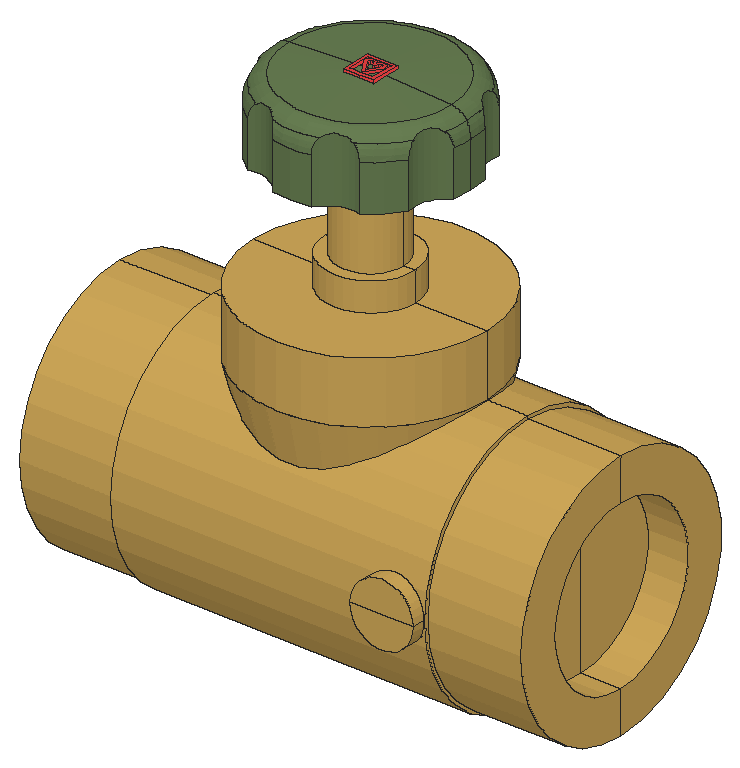
Revit family "Absperrventil 4215 W IG-IG", category Rohrzubehör, Revit 2019
Family settings
  Bemaßung runder Anschluss = Durchmesser verwenden
  Teiletyp = Unterbricht
  OmniClass-Nummer = 23.65.55.14
  OmniClass-Titel = Valves for Liquid Services
  Arbeitsebenenbasiert = Nein
  Immer vertikal = Ja
  Beim Laden mit Abzugskörper schneiden = Nein
  Gemeinsam genutzt = Nein
Parameters
  URL = "www.herz-armaturen.at"
  T01 [instance] = size_lookup("4215W_", "T1", 17.5 mm, Nennweite)  # 42 mm
  SC_NennweiteBerechnet = 0
  SC_Dimension = ""
  SCTWSEQ = "FW;SBT_TYP_FW=\"106\";2"
  SCTWCODE = "04;01;02"  # constant formula
  S03 = 60 mm  # constant formula
  S02 [instance] = H01 + H02 + H03  # 93 mm
  S01 [instance] = R01 * 2  # 75 mm
  R08 [instance] = size_lookup("4215W_", "R8", 9.5 mm, Nennweite)  # 9.5 mm
  R07 = 3 mm  # constant formula
  R06 [instance] = size_lookup("4215W_", "R6", 7.8 mm, Nennweite)  # 10 mm
  R05 [instance] = size_lookup("4215W_", "R5", 10.1 mm, Nennweite)  # 13.5 mm
  R04 [instance] = size_lookup("4215W_", "R4", 13.5 mm, Nennweite)  # 35 mm
  R03 [instance] = size_lookup("4215W_", "R3", 15 mm, Nennweite)  # 38.5 mm
  R02 [instance] = Nennweite / 2  # 25 mm
  R01 [instance] = size_lookup("4215W_", "R1", 16 mm, Nennweite)  # 37.5 mm
  Nennweite [instance] = 50 mm
  Min. Durchfluss bei DP 10 kPa [instance] = if(Nennweite = 15 mm, 0.2, if(Nennweite = 20 mm, 0.4, if(Nennweite = 25 mm, 0.7, if(Nennweite = 32 mm, 1.2, if(Nennweite = 40 mm, 1.6, if(Nennweite = 50 mm, 2.7, 0))))))  # 2.7
  Medium = "Trinkwasser"  # constant formula
  Max. Differenzdruck auf geschlossenen Sitz = 1000000.0 Pa  # constant formula
  Max. Betriebstemperatur = 90 °C  # constant formula
  Max. Betriebsdruck = 1000000.0 Pa  # constant formula
  L03 [instance] = size_lookup("4215W_", "L3", 15.5 mm, Nennweite)  # 38 mm
  L02 = 12 mm  # constant formula
  L01 [instance] = size_lookup("4215W_", "L1", 16 mm, Nennweite)  # 28 mm
  L00 [instance] = size_lookup("4215W_", "L", 65 mm, Nennweite)  # 150 mm
  Hinweis = "Gemäß Art 33 der REACH-Verordnung (EG Nr. 1907/2006) sind wir verpflichtet, darauf hinzuweisen, dass der Stoff Blei auf der SVHC-Liste geführt wird und dass alle aus Messing bestehenden Bauteile, die in unseren Erzeugnissen verarbeitet sind, mehr als 0,1 % (w/w) Blei (CAS: 7439-92-1 / EINECS: 231-100-4) enthalten.\r\nDa Blei als Legierungsbestandteil fest gebunden ist, sind keine Expositionen zu erwarten und daher sind keine zusätzlichen Angaben zur sicheren Verwendung notwendig."
  Hersteller = "HERZ Armaturen Ges.m.b.H."  # constant formula
  Handrad = "Kunststoff, grün"  # constant formula
  H04 = 21 mm  # constant formula
  H03 [instance] = size_lookup("4215W_", "H3", 14.6 mm, Nennweite)  # 27.3 mm
  H02 [instance] = size_lookup("4215W_", "H2", 5.4 mm, Nennweite)  # 8.7 mm
  H01 [instance] = size_lookup("4215W_", "H1", 26 mm, Nennweite)  # 57 mm
  H00 [instance] = H01 + H02 + H03  # 93 mm
  Gehäuse = "entzinkungsbeständiges Messing nach EN1982"  # constant formula
  O-Ringe = "EPDM"  # constant formula
  Bestellnummer [instance] = size_lookup("4215W_", "Artnr", 0, Nennweite)  # 2421546
  Anwendungsgebiet = "Zum Absperren von Trinkwasserleitungen und -anlagen in Gebäuden"
Reference planes
  plane 1 "Mitte (Vorne/hinten)": y = 0
  plane 2: z = 0
  plane 3 "Mitte (Links/rechts)": x = 0
Forms (mm)
  Revolve 1, solid, material "Messing, weicher Gelbton, geschweißt", detail levels fine
    sketch origin (470, 0, 0) x (1, 0, 0) y (0, 0, 1)
      loop
        line (-545, 25) -> (-533, 25) -> (-533, 0) -> (-407, 0) -> (-407, 25) -> (-395, 25) -> (-395, 37.5) -> (-423, 37.5) -> (-423, 38.5) -> (-517, 38.5) -> (-517, 37.5) -> (-545, 37.5) -> (-545, 25)
      axis (-545, 0) -> (-395, 0)
    angle from 0 to 360
  Revolve 2, solid, material "Messing, weicher Gelbton, geschweißt", detail levels fine
    sketch origin (0, 0, 0) x (1, 0, 0) y (0, 0, 1)
      loop
        line (0, 0) -> (0, 93) -> (-10, 93) -> (-10, 65.7) -> (-13.5, 65.7) -> (-13.5, 57) -> (-35, 57) -> (-35, 38.5) -> (-25, 0) -> (0, 0)
      axis (0, 93) -> (0, 0)
    angle from 0 to 360
  Revolve 3, solid, material "Messing, weicher Gelbton, geschweißt", detail levels fine
    sketch origin (0, 0, 0) x (1, 0, 0) y (0, 1, 0)
      loop
        line (37, -42) -> (46.5, -42) -> (46.5, -25) -> (40, -25) -> (40, 25) -> (46.5, 25) -> (46.5, 42) -> (37, 42) -> (37, -42)
      axis (37, 42) -> (37, -42)
    angle from 0 to 360
Lines and regions (mm)
  model lines, detail levels coarse+medium
    curve 1: line (-75, 0, -37.5) -> (-75, 0, 37.5)
    curve 2: line (-75, 0, 37.5) -> (75, 0, -37.5)
    curve 3: line (75, 0, -37.5) -> (75, 0, 37.5)
    curve 4: line (75, 0, 37.5) -> (-75, 0, -37.5)
    curve 5: line (0, 0, 0) -> (0, 0, 93)
    curve 6: line (-30, 0, 93) -> (30, 0, 93)
    curve 7: line (-75, 37.5, 0) -> (-75, -37.5, 0)
    curve 8: line (-75, -37.5, 0) -> (75, 37.5, 0)
    curve 9: line (75, 37.5, 0) -> (75, -37.5, 0)
    curve 10: line (75, -37.5, 0) -> (-75, 37.5, 0)
    curve 11: line (0, 0, 0) -> (0, 93, 0)
    curve 12: line (-30, 93, 0) -> (30, 93, 0)
Dimensions and locks
  "L00": Revolve 1 sketch curve to Revolve 1 sketch curve
  equal spacing: Revolve 1 sketch curve, plane 3 "Mitte (Links/rechts)", Revolve 1 sketch curve
  "R01": Revolve 1 sketch curve to Revolve 1 sketch curve  (x2)
  "R02": Revolve 1 sketch curve to Revolve 1 sketch curve  (x2)
  "L01": Revolve 1 sketch curve to Revolve 1 sketch curve  (x2)
  "L02": Revolve 1 sketch curve to Revolve 1 sketch curve  (x2)
  "R03": Revolve 1 sketch curve to Revolve 1 sketch curve
  "R03": Revolve 2 sketch curve to Revolve 2 sketch curve
  "R02": Revolve 2 sketch curve to Revolve 2 sketch curve
  "R04": Revolve 2 sketch curve to Revolve 2 sketch curve
  "R05": Revolve 2 sketch curve to Revolve 2 sketch curve
  "R06": Revolve 2 sketch curve to Revolve 2 sketch curve
  "H01": Revolve 2 sketch curve to plane 2
  "T01": Revolve 3 sketch curve to plane 1 "Mitte (Vorne/hinten)" to Revolve 3 sketch curve
  "L03": Revolve 3 sketch curve to Revolve 1
  "R02": Revolve 3 sketch curve to plane 1 "Mitte (Vorne/hinten)"
  "R02": plane 1 "Mitte (Vorne/hinten)" to Revolve 3 sketch curve
  "R07": Revolve 3 sketch curve to Revolve 3 sketch curve
  "R08": Revolve 3 sketch curve to Revolve 3 sketch curve
  "H02": Revolve 2 sketch curve to Revolve 2 sketch curve
  "H03": Revolve 2 sketch curve to Revolve 2 sketch curve
  "H00": nested 1 to plane 2
  "H04": nested 2 to Revolve 2
  equal spacing: curve 3, plane 3 "Mitte (Links/rechts)", curve 1
  "L00": curve 3 to curve 1
  equal spacing: curve 2, plane 2, curve 4
  "S01": curve 2 to curve 4
  equal spacing: curve 4, plane 2, curve 3
  "S01": curve 4 to curve 3
  "S02": curve 5 to plane 2
  equal spacing: curve 6, curve 5, curve 6
  "S03": curve 6 to curve 6
  equal spacing: curve 7, plane 3 "Mitte (Links/rechts)", curve 9
  "L00": curve 7 to curve 9
  equal spacing: curve 10, plane 1 "Mitte (Vorne/hinten)", curve 9
  equal spacing: curve 8, plane 1 "Mitte (Vorne/hinten)", curve 10
  "S01": curve 9 to curve 10
  "S01": curve 10 to curve 8
  equal spacing: curve 12, plane 3 "Mitte (Links/rechts)", curve 12
  "S02": plane 1 "Mitte (Vorne/hinten)" to curve 11
  "S03": curve 12 to curve 12
  aligned and locked: level to plane 2
Automatic sketch dimensions
  curve 5 to level = 0 mm
  plane 1 "Mitte (Vorne/hinten)" to curve 11 = 0 mm
  Revolve 1 sketch curve to level = 0 mm  (x2)
  Revolve 1 sketch curve to Revolve 1 sketch curve = 791.99 mm
  Revolve 1 sketch curve to Revolve 1 sketch curve = 2278.983 mm
  Revolve 2 sketch curve to level = 0 mm
  Revolve 2 sketch curve to plane 3 "Mitte (Links/rechts)" = 0 mm  (x2)
  Revolve 2 sketch curve to level = 366.045 mm
  Revolve 2 sketch curve to Revolve 2 sketch curve = 2165.278 mm
  Revolve 3 sketch curve to Revolve 3 sketch curve = 9.5 mm
  Revolve 3 sketch curve to Revolve 3 sketch curve = 0 mm
  Revolve 3 sketch curve to Revolve 3 sketch curve = 4.553 mm
  Revolve 3 sketch curve to Revolve 3 sketch curve = 3.768 mm
Nested families
  nested 1: "Strömax-Handrad (Grün)" at (0, 0, 93), type "Strömax-Handrad (Grün)", detail levels fine
    with Nennweite 0 mm, Gewicht 0.00 kg, Bestellnummer 0
  nested 2: "Herz-Logo" at (0, 0, 114), type "Herz-Logo", detail levels fine
Connectors
  piping at (-63, 0, 0), diameter 50, driven by "Nennweite"
    settings: on Revolve 1, index 1, connector inside diameter 609.6 mm, connector length 0 mm, flow factor 0, pipe flow 0.0 L/s, pressure drop 0.0 Pa, fitting loss kfactor 0, connector angle 0.00°, fixture units 0, engagement length 0 mm, angle of deflection 0.00°, flow configuration 0, flow direction 1, fitting loss method 0, system type 29, joint type 0, gender type 0, connector reference index -1, connector utility 0, adjustable connector no, is connector primary yes, connector description ""
  piping at (63, 0, 0), diameter 50, driven by "Nennweite"
    settings: on Revolve 1, index 2, connector inside diameter 609.6 mm, connector length 0 mm, flow factor 0, pipe flow 0.0 L/s, pressure drop 0.0 Pa, fitting loss kfactor 0, connector angle 0.00°, fixture units 0, engagement length 0 mm, angle of deflection 0.00°, flow configuration 0, flow direction 2, fitting loss method 0, system type 29, joint type 0, gender type 0, connector reference index -1, connector utility 0, adjustable connector no, is connector primary no, connector description ""
Definition of nested family "Strömax-Handrad (Grün)"
  Parameters (values of type "Strömax-Handrad (Grün)")
    URL = "www.herz-armaturen.at"
    Nennweite [instance] = 0 mm
    Manufacturer = "Herz Armaturen GmbH"  # constant formula
    Gewicht [instance] = 0.00 kg
    Bestellnummer [instance] = 0
  Reference planes
    plane 1 "Mitte (Vorne/hinten)": y = 0
    plane 2: z = 0
    plane 3 "Mitte (Links/rechts)": x = 0
  Forms (mm)
    Revolve 1, solid
      sketch origin (0, 0, 0) x (1, 0, 0) y (0, 0, 1)
        loop
          line (0, 0) -> (0, 22)
          arc (0, 22) -> (-12.15, 21.705) -> (-24.271, 20.819) r 250
          arc (-24.271, 20.819) -> (-26.831, 19.959) -> (-28.754, 18.063) r 6
          arc (-28.754, 18.063) -> (-29.682, 16.008) -> (-30, 13.776) r 8
          line (-30, 13.776) -> (-30, 0) -> (0, 0)
        axis (0, 22) -> (0, 0)
      angle from 0 to 360
    Extrusion 2, void
      sketch origin (0, 0, 0) x (1, 0, 0) y (0, 1, 0)
        loop
          circle (14.351, -34.645) r 10
      from 0 to 22
    Extrusion 3, void
      sketch origin (0, 0, 0) x (-1, 0, 0) y (0, -1, 0)
        loop
          circle (14.351, 34.645) r 10
      from 0 to 22
    Extrusion 4, void
      sketch origin (0, 0, 0) x (0, -1, 0) y (1, 0, 0)
        loop
          circle (14.351, 34.645) r 10
      from 0 to 22
    Extrusion 5, void
      sketch origin (0, 0, 0) x (0, 1, 0) y (-1, 0, 0)
        loop
          circle (14.351, -34.645) r 10
      from 0 to 22
    Extrusion 6, void
      sketch origin (0, 0, 0) x (0, -1, 0) y (1, 0, 0)
        loop
          circle (14.351, -34.645) r 10
      from 0 to 22
    Extrusion 7, void
      sketch origin (0, 0, 0) x (0, 1, 0) y (-1, 0, 0)
        loop
          circle (14.351, 34.645) r 10
      from 0 to 22
    Extrusion 8, void
      sketch origin (0, 0, 0) x (1, 0, 0) y (0, 1, 0)
        loop
          circle (14.351, 34.645) r 10
      from 0 to 22
    Extrusion 9, void
      sketch origin (0, 0, 0) x (-1, 0, 0) y (0, -1, 0)
        loop
          circle (14.351, -34.645) r 10
      from 0 to 22
  Cuts and joins
    Extrusion 2, Extrusion 3, Extrusion 4, Extrusion 5, Extrusion 6, Extrusion 7, Extrusion 8, Extrusion 9 cuts Revolve 1
  Dimensions and locks
    aligned and locked: level to plane 2
Definition of nested family "Herz-Logo"
  Reference planes
    plane 1 "Mitte (Vorne/hinten)": y = 0
    plane 2: z = 0
    plane 3 "Mitte (Links/rechts)": x = 0
  Forms (mm)
    Extrusion 1, solid
      sketch origin (0, 0, 0) x (1, 0, 0) y (0, 1, 0)
        loop
          line (-0.018, -4.517) -> (4.482, -4.517) -> (4.482, 4.483) -> (-4.518, 4.483) -> (-4.518, -4.517) -> (-0.018, -4.517)
        loop
          line (-0.05, -3.48) -> (3.482, -3.48) -> (3.482, 3.483) -> (-3.518, 3.483) -> (-3.518, -3.48) -> (-0.05, -3.48)
        loop
          arc (-0.018, 2.383) -> (-1.543, 3.287) -> (-3.067, 2.383) r 1.738
          arc (-3.067, 2.383) -> (-3.191, 1.899) -> (-3.067, 1.415) r 1.009
          line (-3.067, 1.415) -> (-0.018, -3.281) -> (3.032, 1.415)
          arc (3.032, 1.415) -> (3.156, 1.899) -> (3.032, 2.383) r 1.009
          arc (3.032, 2.383) -> (1.507, 3.287) -> (-0.018, 2.383) r 1.738
        loop
          arc (1.885, 1.272) -> (2.005, 1.675) -> (1.885, 2.079) r 0.74
          arc (1.885, 2.079) -> (1.265, 2.416) -> (0.644, 2.079) r 0.74
          line (0.644, 2.079) -> (-0.018, 0.97) -> (-0.679, 2.079)
          arc (-0.679, 2.079) -> (-1.3, 2.416) -> (-1.921, 2.079) r 0.74
          arc (-1.921, 2.079) -> (-2.04, 1.675) -> (-1.921, 1.272) r 0.74
          line (-1.921, 1.272) -> (-0.018, -1.658) -> (1.885, 1.272)
      from 0 to 1.5
  Dimensions and locks
    aligned and locked: level to plane 2
